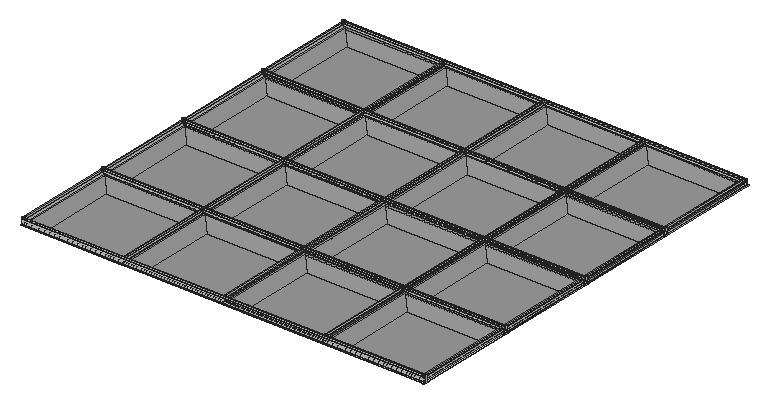
Revit family "GRD-FLD-017_FOLDED GRID 017_RFA", category Modelos genéricos, Revit 2022
Family settings
  Puede alojar armadura = No
  Cota de conector redondo = Diámetro de uso
  Tipo de pieza = Normal
  Se basa en plano de trabajo = No
  Siempre vertical = Sí
  Corte con vacíos al cargar = No
  Mantener orientación de anotación = No
  Compartido = No
  Punto de cálculo de habitación = No
Parameters
  Elevación por defecto = 0.00"
Reference planes (in)
  plane 1 "Centro (Frontal/Posterior)": y = 0
  plane 2: z = 0
  plane 3 "Centro (Izquierda/Derecha)": x = 0
Forms (in)
  Extrusion 1, solid, not visible
    sketch origin (0, 0, 0) x (1, 0, 0) y (0, 1, 0)
      loop
        line (0, 2.25) -> (0, 0) -> (108, 0) -> (108, 2.25) -> (0, 2.25)
    from 0 to 8
  Extrusion 2, solid, not visible
    sketch origin (0, 0, 0) x (1, 0, 0) y (0, 1, 0)
      loop
        line (0, 2.25) -> (0, 0) -> (108, 0) -> (108, 2.25) -> (0, 2.25)
    from 0 to 8
  Extrusion 3, solid, not visible
    sketch origin (0, 8, 0) x (1, 0, 0) y (0, 1, 0)
      loop
        line (0, 2.25) -> (0, 0) -> (108, 0) -> (108, 2.25) -> (0, 2.25)
    from 0 to 8
  Extrusion 4, solid, not visible
    sketch origin (0, 16, 0) x (1, 0, 0) y (0, 1, 0)
      loop
        line (0, 2.25) -> (0, 0) -> (108, 0) -> (108, 2.25) -> (0, 2.25)
    from 0 to 8
  Extrusion 5, solid, not visible
    sketch origin (0, 24, 0) x (1, 0, 0) y (0, 1, 0)
      loop
        line (0, 2.25) -> (0, 0) -> (108, 0) -> (108, 2.25) -> (0, 2.25)
    from 0 to 8
  Extrusion 6, solid, not visible
    sketch origin (0, 32, 0) x (1, 0, 0) y (0, 1, 0)
      loop
        line (0, 2.25) -> (0, 0) -> (108, 0) -> (108, 2.25) -> (0, 2.25)
    from 0 to 8
  Extrusion 7, solid, not visible
    sketch origin (0, 40, 0) x (1, 0, 0) y (0, 1, 0)
      loop
        line (0, 2.25) -> (0, 0) -> (108, 0) -> (108, 2.25) -> (0, 2.25)
    from 0 to 8
  Extrusion 8, solid, not visible
    sketch origin (0, 48, 0) x (1, 0, 0) y (0, 1, 0)
      loop
        line (0, 2.25) -> (0, 0) -> (108, 0) -> (108, 2.25) -> (0, 2.25)
    from 0 to 8
  Extrusion 9, solid, not visible
    sketch origin (0, 56, 0) x (1, 0, 0) y (0, 1, 0)
      loop
        line (0, 2.25) -> (0, 0) -> (108, 0) -> (108, 2.25) -> (0, 2.25)
    from 0 to 8
  Extrusion 10, solid, not visible
    sketch origin (0, 64, 0) x (1, 0, 0) y (0, 1, 0)
      loop
        line (0, 2.25) -> (0, 0) -> (108, 0) -> (108, 2.25) -> (0, 2.25)
    from 0 to 8
  Extrusion 11, solid, not visible
    sketch origin (0, 72, 0) x (1, 0, 0) y (0, 1, 0)
      loop
        line (0, 2.25) -> (0, 0) -> (108, 0) -> (108, 2.25) -> (0, 2.25)
    from 0 to 8
  Extrusion 12, solid, not visible
    sketch origin (0, 80, 0) x (1, 0, 0) y (0, 1, 0)
      loop
        line (0, 2.25) -> (0, 0) -> (108, 0) -> (108, 2.25) -> (0, 2.25)
    from 0 to 8
  Extrusion 13, solid, not visible
    sketch origin (0, 88, 0) x (1, 0, 0) y (0, 1, 0)
      loop
        line (0, 2.25) -> (0, 0) -> (108, 0) -> (108, 2.25) -> (0, 2.25)
    from 0 to 8
  Extrusion 14, solid, not visible
    sketch origin (0, 96, 0) x (1, 0, 0) y (0, 1, 0)
      loop
        line (0, 2.25) -> (0, 0) -> (108, 0) -> (108, 2.25) -> (0, 2.25)
    from 0 to 8
  Extrusion 15, solid, not visible
    sketch origin (0, 104, 0) x (1, 0, 0) y (0, 1, 0)
      loop
        line (0, 2.25) -> (0, 0) -> (108, 0) -> (108, 2.25) -> (0, 2.25)
    from 0 to 8
  Extrusion 16, solid, not visible
    sketch origin (0, 112, 0) x (1, 0, 0) y (0, 1, 0)
      loop
        line (0, 2.25) -> (0, 0) -> (108, 0) -> (108, 2.25) -> (0, 2.25)
    from 0 to 8
  Extrusion 17, solid, not visible
    sketch origin (0, 120, 0) x (1, 0, 0) y (0, 1, 0)
      loop
        line (0, 2.25) -> (0, 0) -> (108, 0) -> (108, 2.25) -> (0, 2.25)
    from 0 to 8
  Extrusion 18, solid, not visible
    sketch origin (0, 128, 0) x (1, 0, 0) y (0, 1, 0)
      loop
        line (0, 2.25) -> (0, 0) -> (108, 0) -> (108, 2.25) -> (0, 2.25)
    from 0 to 8
  Extrusion 19, solid, not visible
    sketch origin (0, 136, 0) x (1, 0, 0) y (0, 1, 0)
      loop
        line (0, 2.25) -> (0, 0) -> (108, 0) -> (108, 2.25) -> (0, 2.25)
    from 0 to 8
  Extrusion 20, solid, not visible
    sketch origin (0, 144, 0) x (1, 0, 0) y (0, 1, 0)
      loop
        line (0, 2.25) -> (0, 0) -> (108, 0) -> (108, 2.25) -> (0, 2.25)
    from 0 to 8
  Extrusion 21, solid, not visible
    sketch origin (0, 152, 0) x (1, 0, 0) y (0, 1, 0)
      loop
        line (0, 2.25) -> (0, 0) -> (108, 0) -> (108, 2.25) -> (0, 2.25)
    from 0 to 8
  Extrusion 22, solid, not visible
    sketch origin (109, 0, 0) x (1, 0, 0) y (0, 1, 0)
      loop
        line (0, 2.25) -> (0, 0) -> (108, 0) -> (108, 2.25) -> (0, 2.25)
    from 0 to 8
  Extrusion 23, solid, not visible
    sketch origin (109, 8, 0) x (1, 0, 0) y (0, 1, 0)
      loop
        line (0, 2.25) -> (0, 0) -> (108, 0) -> (108, 2.25) -> (0, 2.25)
    from 0 to 8
  Extrusion 24, solid, not visible
    sketch origin (109, 16, 0) x (1, 0, 0) y (0, 1, 0)
      loop
        line (0, 2.25) -> (0, 0) -> (108, 0) -> (108, 2.25) -> (0, 2.25)
    from 0 to 8
  Extrusion 25, solid, not visible
    sketch origin (109, 24, 0) x (1, 0, 0) y (0, 1, 0)
      loop
        line (0, 2.25) -> (0, 0) -> (108, 0) -> (108, 2.25) -> (0, 2.25)
    from 0 to 8
  Extrusion 26, solid, not visible
    sketch origin (109, 32, 0) x (1, 0, 0) y (0, 1, 0)
      loop
        line (0, 2.25) -> (0, 0) -> (108, 0) -> (108, 2.25) -> (0, 2.25)
    from 0 to 8
  Extrusion 27, solid, not visible
    sketch origin (109, 40, 0) x (1, 0, 0) y (0, 1, 0)
      loop
        line (0, 2.25) -> (0, 0) -> (108, 0) -> (108, 2.25) -> (0, 2.25)
    from 0 to 8
  Extrusion 28, solid, not visible
    sketch origin (109, 48, 0) x (1, 0, 0) y (0, 1, 0)
      loop
        line (0, 2.25) -> (0, 0) -> (108, 0) -> (108, 2.25) -> (0, 2.25)
    from 0 to 8
  Extrusion 29, solid, not visible
    sketch origin (109, 56, 0) x (1, 0, 0) y (0, 1, 0)
      loop
        line (0, 2.25) -> (0, 0) -> (108, 0) -> (108, 2.25) -> (0, 2.25)
    from 0 to 8
  Extrusion 30, solid, not visible
    sketch origin (109, 64, 0) x (1, 0, 0) y (0, 1, 0)
      loop
        line (0, 2.25) -> (0, 0) -> (108, 0) -> (108, 2.25) -> (0, 2.25)
    from 0 to 8
  Extrusion 31, solid, not visible
    sketch origin (109, 72, 0) x (1, 0, 0) y (0, 1, 0)
      loop
        line (0, 2.25) -> (0, 0) -> (108, 0) -> (108, 2.25) -> (0, 2.25)
    from 0 to 8
  Extrusion 32, solid, not visible
    sketch origin (109, 80, 0) x (1, 0, 0) y (0, 1, 0)
      loop
        line (0, 2.25) -> (0, 0) -> (108, 0) -> (108, 2.25) -> (0, 2.25)
    from 0 to 8
  Extrusion 33, solid, not visible
    sketch origin (109, 88, 0) x (1, 0, 0) y (0, 1, 0)
      loop
        line (0, 2.25) -> (0, 0) -> (108, 0) -> (108, 2.25) -> (0, 2.25)
    from 0 to 8
  Extrusion 34, solid, not visible
    sketch origin (109, 96, 0) x (1, 0, 0) y (0, 1, 0)
      loop
        line (0, 2.25) -> (0, 0) -> (108, 0) -> (108, 2.25) -> (0, 2.25)
    from 0 to 8
  Extrusion 35, solid, not visible
    sketch origin (109, 104, 0) x (1, 0, 0) y (0, 1, 0)
      loop
        line (0, 2.25) -> (0, 0) -> (108, 0) -> (108, 2.25) -> (0, 2.25)
    from 0 to 8
  Extrusion 36, solid, not visible
    sketch origin (109, 112, 0) x (1, 0, 0) y (0, 1, 0)
      loop
        line (0, 2.25) -> (0, 0) -> (108, 0) -> (108, 2.25) -> (0, 2.25)
    from 0 to 8
  Extrusion 37, solid, not visible
    sketch origin (109, 120, 0) x (1, 0, 0) y (0, 1, 0)
      loop
        line (0, 2.25) -> (0, 0) -> (108, 0) -> (108, 2.25) -> (0, 2.25)
    from 0 to 8
  Extrusion 38, solid, not visible
    sketch origin (109, 128, 0) x (1, 0, 0) y (0, 1, 0)
      loop
        line (0, 2.25) -> (0, 0) -> (108, 0) -> (108, 2.25) -> (0, 2.25)
    from 0 to 8
  Extrusion 39, solid, not visible
    sketch origin (109, 136, 0) x (1, 0, 0) y (0, 1, 0)
      loop
        line (0, 2.25) -> (0, 0) -> (108, 0) -> (108, 2.25) -> (0, 2.25)
    from 0 to 8
  Extrusion 40, solid, not visible
    sketch origin (109, 144, 0) x (1, 0, 0) y (0, 1, 0)
      loop
        line (0, 2.25) -> (0, 0) -> (108, 0) -> (108, 2.25) -> (0, 2.25)
    from 0 to 8
  Extrusion 41, solid, not visible
    sketch origin (109, 152, 0) x (1, 0, 0) y (0, 1, 0)
      loop
        line (0, 2.25) -> (0, 0) -> (108, 0) -> (108, 2.25) -> (0, 2.25)
    from 0 to 8
  Extrusion 42, solid, not visible
    sketch origin (-108, 0, 0) x (1, 0, 0) y (0, 1, 0)
      loop
        line (0, 2.25) -> (0, 0) -> (108, 0) -> (108, 2.25) -> (0, 2.25)
    from 0 to 8
  Extrusion 43, solid, not visible
    sketch origin (-108, 8, 0) x (1, 0, 0) y (0, 1, 0)
      loop
        line (0, 2.25) -> (0, 0) -> (108, 0) -> (108, 2.25) -> (0, 2.25)
    from 0 to 8
  Extrusion 44, solid, not visible
    sketch origin (-108, 16, 0) x (1, 0, 0) y (0, 1, 0)
      loop
        line (0, 2.25) -> (0, 0) -> (108, 0) -> (108, 2.25) -> (0, 2.25)
    from 0 to 8
  Extrusion 45, solid, not visible
    sketch origin (-108, 24, 0) x (1, 0, 0) y (0, 1, 0)
      loop
        line (0, 2.25) -> (0, 0) -> (108, 0) -> (108, 2.25) -> (0, 2.25)
    from 0 to 8
  Extrusion 46, solid, not visible
    sketch origin (-108, 32, 0) x (1, 0, 0) y (0, 1, 0)
      loop
        line (0, 2.25) -> (0, 0) -> (108, 0) -> (108, 2.25) -> (0, 2.25)
    from 0 to 8
  Extrusion 47, solid, not visible
    sketch origin (-108, 40, 0) x (1, 0, 0) y (0, 1, 0)
      loop
        line (0, 2.25) -> (0, 0) -> (108, 0) -> (108, 2.25) -> (0, 2.25)
    from 0 to 8
  Extrusion 48, solid, not visible
    sketch origin (1, 0, 0) x (1, 0, 0) y (0, 1, 0)
      loop
        line (0, 2.25) -> (0, 0) -> (108, 0) -> (108, 2.25) -> (0, 2.25)
    from 0 to 8
  Extrusion 49, solid, not visible
    sketch origin (1, 8, 0) x (1, 0, 0) y (0, 1, 0)
      loop
        line (0, 2.25) -> (0, 0) -> (108, 0) -> (108, 2.25) -> (0, 2.25)
    from 0 to 8
  Extrusion 50, solid, not visible
    sketch origin (1, 16, 0) x (1, 0, 0) y (0, 1, 0)
      loop
        line (0, 2.25) -> (0, 0) -> (108, 0) -> (108, 2.25) -> (0, 2.25)
    from 0 to 8
  Extrusion 51, solid, not visible
    sketch origin (1, 24, 0) x (1, 0, 0) y (0, 1, 0)
      loop
        line (0, 2.25) -> (0, 0) -> (108, 0) -> (108, 2.25) -> (0, 2.25)
    from 0 to 8
  Extrusion 52, solid, not visible
    sketch origin (1, 32, 0) x (1, 0, 0) y (0, 1, 0)
      loop
        line (0, 2.25) -> (0, 0) -> (108, 0) -> (108, 2.25) -> (0, 2.25)
    from 0 to 8
  Extrusion 53, solid, not visible
    sketch origin (1, 40, 0) x (1, 0, 0) y (0, 1, 0)
      loop
        line (0, 2.25) -> (0, 0) -> (108, 0) -> (108, 2.25) -> (0, 2.25)
    from 0 to 8
  Extrusion 54, solid, not visible
    sketch origin (-108, 48, 0) x (1, 0, 0) y (0, 1, 0)
      loop
        line (0, 2.25) -> (0, 0) -> (108, 0) -> (108, 2.25) -> (0, 2.25)
    from 0 to 8
  Extrusion 55, solid, not visible
    sketch origin (-108, 56, 0) x (1, 0, 0) y (0, 1, 0)
      loop
        line (0, 2.25) -> (0, 0) -> (108, 0) -> (108, 2.25) -> (0, 2.25)
    from 0 to 8
  Extrusion 56, solid, not visible
    sketch origin (-108, 64, 0) x (1, 0, 0) y (0, 1, 0)
      loop
        line (0, 2.25) -> (0, 0) -> (108, 0) -> (108, 2.25) -> (0, 2.25)
    from 0 to 8
  Extrusion 57, solid, not visible
    sketch origin (-108, 72, 0) x (1, 0, 0) y (0, 1, 0)
      loop
        line (0, 2.25) -> (0, 0) -> (108, 0) -> (108, 2.25) -> (0, 2.25)
    from 0 to 8
  Extrusion 58, solid, not visible
    sketch origin (-108, 80, 0) x (1, 0, 0) y (0, 1, 0)
      loop
        line (0, 2.25) -> (0, 0) -> (108, 0) -> (108, 2.25) -> (0, 2.25)
    from 0 to 8
  Extrusion 59, solid, not visible
    sketch origin (1, 48, 0) x (1, 0, 0) y (0, 1, 0)
      loop
        line (0, 2.25) -> (0, 0) -> (108, 0) -> (108, 2.25) -> (0, 2.25)
    from 0 to 8
  Extrusion 60, solid, not visible
    sketch origin (1, 56, 0) x (1, 0, 0) y (0, 1, 0)
      loop
        line (0, 2.25) -> (0, 0) -> (108, 0) -> (108, 2.25) -> (0, 2.25)
    from 0 to 8
  Extrusion 61, solid, not visible
    sketch origin (1, 64, 0) x (1, 0, 0) y (0, 1, 0)
      loop
        line (0, 2.25) -> (0, 0) -> (108, 0) -> (108, 2.25) -> (0, 2.25)
    from 0 to 8
  Extrusion 62, solid, not visible
    sketch origin (1, 72, 0) x (1, 0, 0) y (0, 1, 0)
      loop
        line (0, 2.25) -> (0, 0) -> (108, 0) -> (108, 2.25) -> (0, 2.25)
    from 0 to 8
  Extrusion 63, solid, not visible
    sketch origin (1, 80, 0) x (1, 0, 0) y (0, 1, 0)
      loop
        line (0, 2.25) -> (0, 0) -> (108, 0) -> (108, 2.25) -> (0, 2.25)
    from 0 to 8
  Extrusion 64, solid, not visible
    sketch origin (-108, 88, 0) x (1, 0, 0) y (0, 1, 0)
      loop
        line (0, 2.25) -> (0, 0) -> (108, 0) -> (108, 2.25) -> (0, 2.25)
    from 0 to 8
  Extrusion 65, solid, not visible
    sketch origin (-108, 96, 0) x (1, 0, 0) y (0, 1, 0)
      loop
        line (0, 2.25) -> (0, 0) -> (108, 0) -> (108, 2.25) -> (0, 2.25)
    from 0 to 8
  Extrusion 66, solid, not visible
    sketch origin (-108, 104, 0) x (1, 0, 0) y (0, 1, 0)
      loop
        line (0, 2.25) -> (0, 0) -> (108, 0) -> (108, 2.25) -> (0, 2.25)
    from 0 to 8
  Extrusion 67, solid, not visible
    sketch origin (-108, 112, 0) x (1, 0, 0) y (0, 1, 0)
      loop
        line (0, 2.25) -> (0, 0) -> (108, 0) -> (108, 2.25) -> (0, 2.25)
    from 0 to 8
  Extrusion 68, solid, not visible
    sketch origin (-108, 120, 0) x (1, 0, 0) y (0, 1, 0)
      loop
        line (0, 2.25) -> (0, 0) -> (108, 0) -> (108, 2.25) -> (0, 2.25)
    from 0 to 8
  Extrusion 69, solid, not visible
    sketch origin (1, 88, 0) x (1, 0, 0) y (0, 1, 0)
      loop
        line (0, 2.25) -> (0, 0) -> (108, 0) -> (108, 2.25) -> (0, 2.25)
    from 0 to 8
  Extrusion 70, solid, not visible
    sketch origin (1, 96, 0) x (1, 0, 0) y (0, 1, 0)
      loop
        line (0, 2.25) -> (0, 0) -> (108, 0) -> (108, 2.25) -> (0, 2.25)
    from 0 to 8
  Extrusion 71, solid, not visible
    sketch origin (1, 104, 0) x (1, 0, 0) y (0, 1, 0)
      loop
        line (0, 2.25) -> (0, 0) -> (108, 0) -> (108, 2.25) -> (0, 2.25)
    from 0 to 8
  Extrusion 72, solid, not visible
    sketch origin (1, 112, 0) x (1, 0, 0) y (0, 1, 0)
      loop
        line (0, 2.25) -> (0, 0) -> (108, 0) -> (108, 2.25) -> (0, 2.25)
    from 0 to 8
  Extrusion 73, solid, not visible
    sketch origin (1, 120, 0) x (1, 0, 0) y (0, 1, 0)
      loop
        line (0, 2.25) -> (0, 0) -> (108, 0) -> (108, 2.25) -> (0, 2.25)
    from 0 to 8
  Extrusion 74, solid, not visible
    sketch origin (-108, 128, 0) x (1, 0, 0) y (0, 1, 0)
      loop
        line (0, 2.25) -> (0, 0) -> (108, 0) -> (108, 2.25) -> (0, 2.25)
    from 0 to 8
  Extrusion 75, solid, not visible
    sketch origin (-108, 136, 0) x (1, 0, 0) y (0, 1, 0)
      loop
        line (0, 2.25) -> (0, 0) -> (108, 0) -> (108, 2.25) -> (0, 2.25)
    from 0 to 8
  Extrusion 76, solid, not visible
    sketch origin (-108, 144, 0) x (1, 0, 0) y (0, 1, 0)
      loop
        line (0, 2.25) -> (0, 0) -> (108, 0) -> (108, 2.25) -> (0, 2.25)
    from 0 to 8
  Extrusion 77, solid, not visible
    sketch origin (-108, 152, 0) x (1, 0, 0) y (0, 1, 0)
      loop
        line (0, 2.25) -> (0, 0) -> (108, 0) -> (108, 2.25) -> (0, 2.25)
    from 0 to 8
  Extrusion 78, solid, not visible
    sketch origin (-108, 160, 0) x (1, 0, 0) y (0, 1, 0)
      loop
        line (0, 2.25) -> (0, 0) -> (108, 0) -> (108, 2.25) -> (0, 2.25)
    from 0 to 8
  Extrusion 79, solid, not visible
    sketch origin (1, 128, 0) x (1, 0, 0) y (0, 1, 0)
      loop
        line (0, 2.25) -> (0, 0) -> (108, 0) -> (108, 2.25) -> (0, 2.25)
    from 0 to 8
  Extrusion 80, solid, not visible
    sketch origin (1, 136, 0) x (1, 0, 0) y (0, 1, 0)
      loop
        line (0, 2.25) -> (0, 0) -> (108, 0) -> (108, 2.25) -> (0, 2.25)
    from 0 to 8
  Extrusion 81, solid, not visible
    sketch origin (1, 144, 0) x (1, 0, 0) y (0, 1, 0)
      loop
        line (0, 2.25) -> (0, 0) -> (108, 0) -> (108, 2.25) -> (0, 2.25)
    from 0 to 8
  Extrusion 82, solid, not visible
    sketch origin (1, 152, 0) x (1, 0, 0) y (0, 1, 0)
      loop
        line (0, 2.25) -> (0, 0) -> (108, 0) -> (108, 2.25) -> (0, 2.25)
    from 0 to 8
  Extrusion 83, solid, not visible
    sketch origin (1, 160, 0) x (1, 0, 0) y (0, 1, 0)
      loop
        line (0, 2.25) -> (0, 0) -> (108, 0) -> (108, 2.25) -> (0, 2.25)
    from 0 to 8
  Extrusion 84, solid, not visible
    sketch origin (0, 0, 0) x (1, 0, 0) y (0, 1, 0)
      loop
        line (0, 3) -> (0, 0) -> (108, 0) -> (108, 3) -> (0, 3)
    from 0 to 8
  Extrusion 85, void, not visible
    sketch origin (0, 0, 0) x (1, 0, 0) y (0, 1, 0)
      loop
        line (6, 2) -> (6, 1) -> (66, 1) -> (66, 2) -> (6, 2)
    from 0 to 1.03
  Extrusion 86, solid, not visible
    sketch origin (0, 0, 0) x (1, 0, 0) y (0, 1, 0)
      loop
        line (0, 3) -> (0, 0) -> (108, 0) -> (108, 3) -> (0, 3)
    from 0 to 8
  Extrusion 87, void, not visible
    sketch origin (0, 0, 0) x (1, 0, 0) y (0, 1, 0)
      loop
        line (6, 2) -> (6, 1) -> (66, 1) -> (66, 2) -> (6, 2)
    from 0 to 1.03
  Extrusion 88, solid, not visible
    sketch origin (0, 0, 0) x (1, 0, 0) y (0, 1, 0)
      loop
        line (6, 2) -> (6, 1) -> (66, 1) -> (66, 2) -> (6, 2)
    from 0 to 1.03
  Extrusion 89, solid, not visible
    sketch origin (0, 32, 0) x (1, 0, 0) y (0, 1, 0)
      loop
        line (0, 3) -> (0, 0) -> (108, 0) -> (108, 3) -> (0, 3)
    from 0 to 8
  Extrusion 90, void, not visible
    sketch origin (0, 32, 0) x (1, 0, 0) y (0, 1, 0)
      loop
        line (6, 2) -> (6, 1) -> (102, 1) -> (102, 2) -> (6, 2)
    from 0 to 1.03
  Extrusion 91, solid, not visible
    sketch origin (8.95842, -18.67436, 0) x (1, 0, 0) y (0, 1, 0)
      loop
        line (-8.48642, 97.64679) -> (-8.48642, 97.17436) -> (98.56914, 97.17436) -> (98.56914, 97.64679) -> (-8.48642, 97.64679)
    from 0.59055 to 8
  Extrusion 92, solid, not visible
    sketch origin (8.95842, -16.6468, 0) x (1, 0, 0) y (0, 1, 0)
      loop
        line (-8.48642, 97.64679) -> (-8.48642, 97.17436) -> (98.56914, 97.17436) -> (98.56914, 97.64679) -> (-8.48642, 97.64679)
    from 0.59055 to 8
  Extrusion 93, solid, not visible
    sketch origin (60.46912, 110.28574, 0) x (1, 0, 0) y (0, 1, 0)
      loop
        line (45.03088, -29.28574) -> (-57.96911, -29.28574) -> (-57.96911, -31.78574) -> (45.03088, -31.78574) -> (45.03088, -29.28574)
      loop
        line (23.78088, -31.03574) -> (41.78088, -31.03574) -> (41.78088, -30.03574) -> (23.78088, -30.03574) -> (23.78088, -31.03574)
      loop
        line (-54.71912, -31.03574) -> (-36.71912, -31.03574) -> (-36.71912, -30.03574) -> (-54.71912, -30.03574) -> (-54.71912, -31.03574)
    from 0 to 0.59055
  Extrusion 94, solid, not visible
    sketch origin (108, 51.5, 0) x (0, 1, 0) y (-1, 0, 0)
      loop
        line (27.75, 102.25) -> (27.75, 84.25) -> (28.75, 84.25) -> (28.75, 102.25) -> (27.75, 102.25)
    from 0 to 1
  Extrusion 95, solid, not visible
    sketch origin (186.5, 51.5, 0) x (0, 1, 0) y (-1, 0, 0)
      loop
        line (27.75, 102.25) -> (27.75, 84.25) -> (28.75, 84.25) -> (28.75, 102.25) -> (27.75, 102.25)
    from 0 to 1
  Extrusion 96, solid, not visible
    sketch origin (8.95842, -44.42438, 0) x (1, 0, 0) y (0, 1, 0)
      loop
        line (-8.48642, 97.64679) -> (-8.48642, 97.17436) -> (98.56914, 97.17436) -> (98.56914, 97.64679) -> (-8.48642, 97.64679)
    from 0.59055 to 8
  Extrusion 97, solid, not visible
    sketch origin (8.95842, -42.39682, 0) x (1, 0, 0) y (0, 1, 0)
      loop
        line (-8.48642, 97.64679) -> (-8.48642, 97.17436) -> (98.56914, 97.17436) -> (98.56914, 97.64679) -> (-8.48642, 97.64679)
    from 0.59055 to 8
  Extrusion 98, solid, not visible
    sketch origin (60.46912, 84.53571, 0) x (1, 0, 0) y (0, 1, 0)
      loop
        line (45.03088, -29.28574) -> (-57.96911, -29.28574) -> (-57.96911, -31.78574) -> (45.03088, -31.78574) -> (45.03088, -29.28574)
      loop
        line (-28.96912, -31.03574) -> (-10.96912, -31.03574) -> (-10.96912, -30.03574) -> (-28.96912, -30.03574) -> (-28.96912, -31.03574)
      loop
        line (-3.21912, -31.03571) -> (14.78088, -31.03571) -> (14.78088, -30.03571) -> (-3.21912, -30.03571) -> (-3.21912, -31.03571)
    from 0 to 0.59055
  Extrusion 99, solid, not visible
    sketch origin (133.74998, 25.74998, 0) x (0, 1, 0) y (-1, 0, 0)
      loop
        line (27.75, 102.25) -> (27.75, 84.25) -> (28.75, 84.25) -> (28.75, 102.25) -> (27.75, 102.25)
    from 0 to 1
  Extrusion 100, solid, not visible
    sketch origin (159.49998, 25.74998, 0) x (0, 1, 0) y (-1, 0, 0)
      loop
        line (27.75, 102.25) -> (27.75, 84.25) -> (28.75, 84.25) -> (28.75, 102.25) -> (27.75, 102.25)
    from 0 to 1
  Extrusion 101, solid, not visible
    sketch origin (8.95842, -70.17436, 0) x (1, 0, 0) y (0, 1, 0)
      loop
        line (-8.48642, 97.64679) -> (-8.48642, 97.17436) -> (98.56914, 97.17436) -> (98.56914, 97.64679) -> (-8.48642, 97.64679)
    from 0.59055 to 8
  Extrusion 102, solid, not visible
    sketch origin (8.95842, -68.1468, 0) x (1, 0, 0) y (0, 1, 0)
      loop
        line (-8.48642, 97.64679) -> (-8.48642, 97.17436) -> (98.56914, 97.17436) -> (98.56914, 97.64679) -> (-8.48642, 97.64679)
    from 0.59055 to 8
  Extrusion 103, solid, not visible
    sketch origin (60.46912, 58.78574, 0) x (1, 0, 0) y (0, 1, 0)
      loop
        line (45.03088, -29.28574) -> (-57.96911, -29.28574) -> (-57.96911, -31.78574) -> (45.03088, -31.78574) -> (45.03088, -29.28574)
      loop
        line (23.78088, -31.03574) -> (41.78088, -31.03574) -> (41.78088, -30.03574) -> (23.78088, -30.03574) -> (23.78088, -31.03574)
      loop
        line (-54.71912, -31.03574) -> (-36.71912, -31.03574) -> (-36.71912, -30.03574) -> (-54.71912, -30.03574) -> (-54.71912, -31.03574)
    from 0 to 0.59055
  Extrusion 104, solid, not visible
    sketch origin (108, 0, 0) x (0, 1, 0) y (-1, 0, 0)
      loop
        line (27.75, 102.25) -> (27.75, 84.25) -> (28.75, 84.25) -> (28.75, 102.25) -> (27.75, 102.25)
    from 0 to 1
  Extrusion 105, solid, not visible
    sketch origin (186.5, 0, 0) x (0, 1, 0) y (-1, 0, 0)
      loop
        line (27.75, 102.25) -> (27.75, 84.25) -> (28.75, 84.25) -> (28.75, 102.25) -> (27.75, 102.25)
    from 0 to 1
  Extrusion 106, solid, not visible
    sketch origin (-70.17436, 99.04114, 0) x (0, -1, 0) y (1, 0, 0)
      loop
        line (-8.48642, 97.64679) -> (-8.48642, 97.17436) -> (98.56914, 97.17436) -> (98.56914, 97.64679) -> (-8.48642, 97.64679)
    from 0.59055 to 8
  Extrusion 107, solid, not visible
    sketch origin (-68.1468, 99.04114, 0) x (0, -1, 0) y (1, 0, 0)
      loop
        line (-8.48642, 97.64679) -> (-8.48642, 97.17436) -> (98.56914, 97.17436) -> (98.56914, 97.64679) -> (-8.48642, 97.64679)
    from 0.59055 to 8
  Extrusion 108, solid, not visible
    sketch origin (-2.28571, 86.21912, 0) x (0, 1, 0) y (-1, 0, 0)
      loop
        line (19.28088, -29.28574) -> (-83.71912, -29.28574) -> (-83.71912, -31.78574) -> (19.28088, -31.78574) -> (19.28088, -29.28574)
      loop
        line (16.03088, -31.03571) -> (16.03088, -30.03571) -> (-1.96912, -30.03571) -> (-1.96912, -31.03571) -> (16.03088, -31.03571)
      loop
        line (-62.46912, -31.03571) -> (-62.46912, -30.03571) -> (-80.46912, -30.03571) -> (-80.46912, -31.03571) -> (-62.46912, -31.03571)
    from 0 to 0.59055
  Extrusion 109, solid, not visible
    sketch origin (0, 0, 0) x (1, 0, 0) y (0, 1, 0)
      loop
        line (27.75, 102.25) -> (27.75, 84.25) -> (28.75, 84.25) -> (28.75, 102.25) -> (27.75, 102.25)
    from 0 to 1
  Extrusion 110, solid, not visible
    sketch origin (0, -78.5, 0) x (1, 0, 0) y (0, 1, 0)
      loop
        line (27.75, 102.25) -> (27.75, 84.25) -> (28.75, 84.25) -> (28.75, 102.25) -> (27.75, 102.25)
    from 0 to 1
  Extrusion 111, solid, not visible
    sketch origin (-44.89438, 99.04114, 0) x (0, -1, 0) y (1, 0, 0)
      loop
        line (-8.48642, 97.64679) -> (-8.48642, 97.17436) -> (98.56914, 97.17436) -> (98.56914, 97.64679) -> (-8.48642, 97.64679)
    from 0.59055 to 8
  Extrusion 112, solid, not visible
    sketch origin (-42.39682, 99.04114, 0) x (0, -1, 0) y (1, 0, 0)
      loop
        line (-8.48642, 97.64679) -> (-8.48642, 97.17436) -> (98.56914, 97.17436) -> (98.56914, 97.64679) -> (-8.48642, 97.64679)
    from 0.59055 to 8
  Extrusion 113, solid, not visible
    sketch origin (23.46427, 86.21912, 0) x (0, 1, 0) y (-1, 0, 0)
      loop
        line (19.28088, -28.81571) -> (-83.71912, -28.81571) -> (-83.71912, -31.78574) -> (19.28088, -31.78574) -> (19.28088, -28.81571)
      loop
        line (-28.96912, -29.78573) -> (-28.96912, -30.78571) -> (-10.96912, -30.78571) -> (-10.96912, -29.78573) -> (-28.96912, -29.78573)
      loop
        line (-54.71914, -29.78573) -> (-54.71914, -30.78573) -> (-36.71914, -30.78573) -> (-36.71914, -29.78573) -> (-54.71914, -29.78573)
    from 0 to 0.59055
  Extrusion 114, solid, not visible
    sketch origin (25.74998, -27, 0) x (1, 0, 0) y (0, 1, 0)
      loop
        line (27.50002, 102.25) -> (27.50002, 84.25) -> (28.5, 84.25) -> (28.5, 102.25) -> (27.50002, 102.25)
    from 0 to 1
  Extrusion 115, solid, not visible
    sketch origin (25.74998, -52.75002, 0) x (1, 0, 0) y (0, 1, 0)
      loop
        line (27.50002, 102.25) -> (27.50002, 84.25) -> (28.50002, 84.25) -> (28.50002, 102.25) -> (27.50002, 102.25)
    from 0 to 1
  Extrusion 116, solid, not visible
    sketch origin (-18.67436, 99.04114, 0) x (0, -1, 0) y (1, 0, 0)
      loop
        line (-8.48642, 97.64679) -> (-8.48642, 97.17436) -> (98.56914, 97.17436) -> (98.56914, 97.64679) -> (-8.48642, 97.64679)
    from 0.59055 to 8
  Extrusion 117, solid, not visible
    sketch origin (-16.6468, 99.04114, 0) x (0, -1, 0) y (1, 0, 0)
      loop
        line (-8.48642, 97.64679) -> (-8.48642, 97.17436) -> (98.56914, 97.17436) -> (98.56914, 97.64679) -> (-8.48642, 97.64679)
    from 0.59055 to 8
  Extrusion 118, solid, not visible
    sketch origin (49.21426, 86.21912, 0) x (0, 1, 0) y (-1, 0, 0)
      loop
        line (19.28088, -29.28574) -> (-83.71912, -29.28574) -> (-83.71912, -31.78574) -> (19.28088, -31.78574) -> (19.28088, -29.28574)
      loop
        line (16.03088, -31.03571) -> (16.03088, -30.03571) -> (-1.96912, -30.03571) -> (-1.96912, -31.03571) -> (16.03088, -31.03571)
      loop
        line (-62.46912, -31.03571) -> (-62.46912, -30.03571) -> (-80.46912, -30.03571) -> (-80.46912, -31.03571) -> (-62.46912, -31.03571)
    from 0 to 0.59055
  Extrusion 119, solid, not visible
    sketch origin (51.49997, 0, 0) x (1, 0, 0) y (0, 1, 0)
      loop
        line (27.75, 102.25) -> (27.75, 84.25) -> (28.75, 84.25) -> (28.75, 102.25) -> (27.75, 102.25)
    from 0 to 1
  Extrusion 120, solid, not visible
    sketch origin (51.49997, -78.5, 0) x (1, 0, 0) y (0, 1, 0)
      loop
        line (27.75, 102.25) -> (27.75, 84.25) -> (28.75, 84.25) -> (28.75, 102.25) -> (27.75, 102.25)
    from 0 to 1
  Extrusion 121, solid, not visible
    sketch origin (10.23509, 91.82771, 0) x (0, -1, 0) y (1, 0, 0)
      loop
        line (-16.17229, 97.76491) -> (-15.69986, 97.29248) -> (91.35527, 97.29248) -> (91.82771, 97.76491) -> (-16.17229, 97.76491)
    from 0.59055 to 8
  Extrusion 122, solid, not visible
    sketch origin (137.28574, 61.88413, 0) x (0, 1, 0) y (-1, 0, 0)
      loop
        line (46.11587, 29.28574) -> (43.61587, 31.78574) -> (-59.38412, 31.78574) -> (-61.88412, 29.28574) -> (46.11587, 29.28574)
    from 0 to 0.59055
  Extrusion 123, solid, not visible
    sketch origin (8.20754, 91.82771, 0) x (0, -1, 0) y (1, 0, 0)
      loop
        line (-14.14474, 97.76491) -> (-13.67231, 97.29248) -> (89.32772, 97.29248) -> (89.80016, 97.76491) -> (-14.14474, 97.76491)
    from 0.59055 to 8.22418
  Extrusion 124, solid, not visible
    sketch origin (18.95842, 10.23509, 0) x (1, 0, 0) y (0, 1, 0)
      loop
        line (-18.95842, 97.76491) -> (-18.48598, 97.29247) -> (88.56914, 97.29247) -> (89.04158, 97.76491) -> (-18.95842, 97.76491)
    from 0.59055 to 8
  Extrusion 125, solid, not visible
    sketch origin (61.88413, 137.28574, 0) x (1, 0, 0) y (0, 1, 0)
      loop
        line (46.11587, -29.28574) -> (-61.88412, -29.28574) -> (-59.38412, -31.78574) -> (43.61587, -31.78574) -> (46.11587, -29.28574)
    from 0 to 0.59055
  Extrusion 126, solid, not visible
    sketch origin (18.95842, 8.20753, 0) x (1, 0, 0) y (0, 1, 0)
      loop
        line (-16.93086, 97.76491) -> (-16.45842, 97.29247) -> (86.54158, 97.29247) -> (87.01402, 97.76491) -> (-16.93086, 97.76491)
    from 0.59055 to 8
  Extrusion 127, solid, not visible
    sketch origin (-101.24865, 87.31603, 0) x (0, -1, 0) y (1, 0, 0)
      loop
        line (-20.21152, 101.72109) -> (-20.68397, 101.24865) -> (87.31604, 101.24865) -> (86.84359, 101.72109) -> (-20.21152, 101.72109)
    from 0.47244 to 8
  Extrusion 128, solid, not visible
    sketch origin (-29.28573, 61.88413, 0) x (0, 1, 0) y (-1, 0, 0)
      loop
        line (46.11587, -29.28574) -> (-61.88412, -29.28574) -> (-59.38412, -31.78574) -> (43.61587, -31.78574) -> (46.11587, -29.28574)
    from 0 to 0.59055
  Extrusion 129, solid, not visible
    sketch origin (-99.22109, 87.31603, 0) x (0, -1, 0) y (1, 0, 0)
      loop
        line (-18.18396, 101.72109) -> (-18.65641, 101.24865) -> (85.28848, 101.24865) -> (84.81603, 101.72109) -> (-18.18396, 101.72109)
    from 0.47244 to 8
  Extrusion 130, solid, not visible
    sketch origin (61.88413, -29.28574, 0) x (1, 0, 0) y (0, 1, 0)
      loop
        line (46.11587, 29.28574) -> (43.61587, 31.78574) -> (-59.38412, 31.78574) -> (-61.88412, 29.28574) -> (46.11587, 29.28574)
    from 0 to 0.47244
  Extrusion 131, solid, not visible
    sketch origin (8.95842, -97.17435, 0) x (1, 0, 0) y (0, 1, 0)
      loop
        line (-8.48598, 97.64679) -> (-8.95842, 97.17436) -> (99.04157, 97.17436) -> (98.56914, 97.64679) -> (-8.48598, 97.64679)
    from 0.59055 to 8
  Extrusion 132, solid, not visible
    sketch origin (8.95842, -95.14679, 0) x (1, 0, 0) y (0, 1, 0)
      loop
        line (-6.45842, 97.64679) -> (-6.93085, 97.17436) -> (97.01401, 97.17436) -> (96.54158, 97.64679) -> (-6.45842, 97.64679)
    from 0.59055 to 8
  Extrusion 133, solid, not visible
    sketch origin (61.88413, -29.28574, 0) x (1, 0, 0) y (0, 1, 0)
      loop
        line (46.11587, 29.28574) -> (43.61587, 31.78574) -> (-59.38412, 31.78574) -> (-61.88412, 29.28574) -> (46.11587, 29.28574)
    from 0 to 0.47244
  Extrusion 134, solid, not visible
    sketch origin (18.95842, 10.23509, 0) x (1, 0, 0) y (0, 1, 0)
      loop
        line (-18.95842, 97.76491) -> (-18.48598, 97.29247) -> (88.56914, 97.29247) -> (89.04158, 97.76491) -> (-18.95842, 97.76491)
    from 0.59055 to 8
  Extrusion 135, solid, not visible
    sketch origin (8.95842, -97.17435, 0) x (1, 0, 0) y (0, 1, 0)
      loop
        line (-8.48598, 97.64679) -> (-8.95842, 97.17436) -> (99.04157, 97.17436) -> (98.56914, 97.64679) -> (-8.48598, 97.64679)
    from 0.59055 to 8
  Extrusion 136, solid, not visible
    sketch origin (10.23509, 91.82771, 0) x (0, -1, 0) y (1, 0, 0)
      loop
        line (-16.17229, 97.76491) -> (-15.69986, 97.29248) -> (91.35527, 97.29248) -> (91.82771, 97.76491) -> (-16.17229, 97.76491)
    from 0.59055 to 8
  Extrusion 137, solid, not visible
    sketch origin (-101.24865, 87.31603, 0) x (0, -1, 0) y (1, 0, 0)
      loop
        line (-20.21152, 101.72109) -> (-20.68397, 101.24865) -> (87.31604, 101.24865) -> (86.84359, 101.72109) -> (-20.21152, 101.72109)
    from 0.47244 to 8
  Extrusion 138, solid, not visible
    sketch origin (61.88413, 137.28574, 0) x (1, 0, 0) y (0, 1, 0)
      loop
        line (46.11587, -29.28574) -> (-61.88412, -29.28574) -> (-59.38412, -31.78574) -> (43.61587, -31.78574) -> (46.11587, -29.28574)
    from 0 to 0.59055
  Extrusion 139, solid, not visible
    sketch origin (-29.28573, 61.88413, 0) x (0, 1, 0) y (-1, 0, 0)
      loop
        line (46.11587, -29.28574) -> (-61.88412, -29.28574) -> (-59.38412, -31.78574) -> (43.61587, -31.78574) -> (46.11587, -29.28574)
    from 0 to 0.59055
  Extrusion 140, solid, not visible
    sketch origin (137.28574, 61.88413, 0) x (0, 1, 0) y (-1, 0, 0)
      loop
        line (46.11587, 29.28574) -> (43.61587, 31.78574) -> (-59.38412, 31.78574) -> (-61.88412, 29.28574) -> (46.11587, 29.28574)
    from 0 to 0.59055
  Extrusion 141, solid, not visible
    sketch origin (8.95842, -95.14679, 0) x (1, 0, 0) y (0, 1, 0)
      loop
        line (-6.45842, 97.64679) -> (-6.93085, 97.17436) -> (97.01401, 97.17436) -> (96.54158, 97.64679) -> (-6.45842, 97.64679)
    from 0.59055 to 8
  Extrusion 142, solid, not visible
    sketch origin (-99.22109, 87.31603, 0) x (0, -1, 0) y (1, 0, 0)
      loop
        line (-18.18396, 101.72109) -> (-18.65641, 101.24865) -> (85.28848, 101.24865) -> (84.81603, 101.72109) -> (-18.18396, 101.72109)
    from 0.47244 to 8
  Extrusion 143, solid, not visible
    sketch origin (18.95842, 8.20753, 0) x (1, 0, 0) y (0, 1, 0)
      loop
        line (-16.93086, 97.76491) -> (-16.45842, 97.29247) -> (86.54158, 97.29247) -> (87.01402, 97.76491) -> (-16.93086, 97.76491)
    from 0.59055 to 8
  Extrusion 144, solid, not visible
    sketch origin (8.20754, 91.82771, 0) x (0, -1, 0) y (1, 0, 0)
      loop
        line (-14.14474, 97.76491) -> (-13.67231, 97.29248) -> (89.32772, 97.29248) -> (89.80016, 97.76491) -> (-14.14474, 97.76491)
    from 0.59055 to 8.22418
  Extrusion 145, solid, not visible
    sketch origin (8.95842, -70.17436, 0) x (1, 0, 0) y (0, 1, 0)
      loop
        line (-8.48642, 97.64679) -> (-8.48642, 97.17436) -> (98.56914, 97.17436) -> (98.56914, 97.64679) -> (-8.48642, 97.64679)
    from 0.59055 to 8
  Extrusion 146, solid, not visible
    sketch origin (8.95842, -68.1468, 0) x (1, 0, 0) y (0, 1, 0)
      loop
        line (-8.48642, 97.64679) -> (-8.48642, 97.17436) -> (98.56914, 97.17436) -> (98.56914, 97.64679) -> (-8.48642, 97.64679)
    from 0.59055 to 8
  Extrusion 147, solid, not visible
    sketch origin (8.95842, -44.42438, 0) x (1, 0, 0) y (0, 1, 0)
      loop
        line (-8.48642, 97.64679) -> (-8.48642, 97.17436) -> (98.56914, 97.17436) -> (98.56914, 97.64679) -> (-8.48642, 97.64679)
    from 0.59055 to 8
  Extrusion 148, solid, not visible
    sketch origin (8.95842, -42.39682, 0) x (1, 0, 0) y (0, 1, 0)
      loop
        line (-8.48642, 97.64679) -> (-8.48642, 97.17436) -> (98.56914, 97.17436) -> (98.56914, 97.64679) -> (-8.48642, 97.64679)
    from 0.59055 to 8
  Extrusion 149, solid, not visible
    sketch origin (8.95842, -18.67436, 0) x (1, 0, 0) y (0, 1, 0)
      loop
        line (-8.48642, 97.64679) -> (-8.48642, 97.17436) -> (98.56914, 97.17436) -> (98.56914, 97.64679) -> (-8.48642, 97.64679)
    from 0.59055 to 8
  Extrusion 150, solid, not visible
    sketch origin (8.95842, -16.6468, 0) x (1, 0, 0) y (0, 1, 0)
      loop
        line (-8.48642, 97.64679) -> (-8.48642, 97.17436) -> (98.56914, 97.17436) -> (98.56914, 97.64679) -> (-8.48642, 97.64679)
    from 0.59055 to 8
  Extrusion 151, solid, not visible
    sketch origin (-70.17436, 99.04114, 0) x (0, -1, 0) y (1, 0, 0)
      loop
        line (-8.48642, 97.64679) -> (-8.48642, 97.17436) -> (98.56914, 97.17436) -> (98.56914, 97.64679) -> (-8.48642, 97.64679)
    from 0.59055 to 8
  Extrusion 152, solid, not visible
    sketch origin (-68.1468, 99.04114, 0) x (0, -1, 0) y (1, 0, 0)
      loop
        line (-8.48642, 97.64679) -> (-8.48642, 97.17436) -> (98.56914, 97.17436) -> (98.56914, 97.64679) -> (-8.48642, 97.64679)
    from 0.59055 to 8
  Extrusion 153, solid, not visible
    sketch origin (-44.89438, 99.04114, 0) x (0, -1, 0) y (1, 0, 0)
      loop
        line (-8.48642, 97.64679) -> (-8.48642, 97.17436) -> (98.56914, 97.17436) -> (98.56914, 97.64679) -> (-8.48642, 97.64679)
    from 0.59055 to 8
  Extrusion 154, solid, not visible
    sketch origin (-42.39682, 99.04114, 0) x (0, -1, 0) y (1, 0, 0)
      loop
        line (-8.48642, 97.64679) -> (-8.48642, 97.17436) -> (98.56914, 97.17436) -> (98.56914, 97.64679) -> (-8.48642, 97.64679)
    from 0.59055 to 8
  Extrusion 155, solid, not visible
    sketch origin (-18.67436, 99.04114, 0) x (0, -1, 0) y (1, 0, 0)
      loop
        line (-8.48642, 97.64679) -> (-8.48642, 97.17436) -> (98.56914, 97.17436) -> (98.56914, 97.64679) -> (-8.48642, 97.64679)
    from 0.59055 to 8
  Extrusion 156, solid, not visible
    sketch origin (-16.6468, 99.04114, 0) x (0, -1, 0) y (1, 0, 0)
      loop
        line (-8.48642, 97.64679) -> (-8.48642, 97.17436) -> (98.56914, 97.17436) -> (98.56914, 97.64679) -> (-8.48642, 97.64679)
    from 0.59055 to 8
  Extrusion 157, solid, not visible
    sketch origin (60.46912, 110.28574, 0) x (1, 0, 0) y (0, 1, 0)
      loop
        line (45.03088, -29.28574) -> (-57.96911, -29.28574) -> (-57.96911, -31.78574) -> (45.03088, -31.78574) -> (45.03088, -29.28574)
      loop
        line (23.78088, -31.03574) -> (41.78088, -31.03574) -> (41.78088, -30.03574) -> (23.78088, -30.03574) -> (23.78088, -31.03574)
      loop
        line (-54.71912, -31.03574) -> (-36.71912, -31.03574) -> (-36.71912, -30.03574) -> (-54.71912, -30.03574) -> (-54.71912, -31.03574)
    from 0 to 0.59055
  Extrusion 158, solid, not visible
    sketch origin (60.46912, 84.53571, 0) x (1, 0, 0) y (0, 1, 0)
      loop
        line (45.03088, -29.28574) -> (-57.96911, -29.28574) -> (-57.96911, -31.78574) -> (45.03088, -31.78574) -> (45.03088, -29.28574)
      loop
        line (-28.96912, -31.03574) -> (-10.96912, -31.03574) -> (-10.96912, -30.03574) -> (-28.96912, -30.03574) -> (-28.96912, -31.03574)
      loop
        line (-3.21912, -31.03571) -> (14.78088, -31.03571) -> (14.78088, -30.03571) -> (-3.21912, -30.03571) -> (-3.21912, -31.03571)
    from 0 to 0.59055
  Extrusion 159, solid, not visible
    sketch origin (60.46912, 58.78574, 0) x (1, 0, 0) y (0, 1, 0)
      loop
        line (45.03088, -29.28574) -> (-57.96911, -29.28574) -> (-57.96911, -31.78574) -> (45.03088, -31.78574) -> (45.03088, -29.28574)
      loop
        line (23.78088, -31.03574) -> (41.78088, -31.03574) -> (41.78088, -30.03574) -> (23.78088, -30.03574) -> (23.78088, -31.03574)
      loop
        line (-54.71912, -31.03574) -> (-36.71912, -31.03574) -> (-36.71912, -30.03574) -> (-54.71912, -30.03574) -> (-54.71912, -31.03574)
    from 0 to 0.59055
  Extrusion 160, solid, not visible
    sketch origin (23.46427, 86.21912, 0) x (0, 1, 0) y (-1, 0, 0)
      loop
        line (19.28088, -28.81571) -> (-83.71912, -28.81571) -> (-83.71912, -31.78574) -> (19.28088, -31.78574) -> (19.28088, -28.81571)
      loop
        line (-28.96912, -29.78573) -> (-28.96912, -30.78571) -> (-10.96912, -30.78571) -> (-10.96912, -29.78573) -> (-28.96912, -29.78573)
      loop
        line (-54.71914, -29.78573) -> (-54.71914, -30.78573) -> (-36.71914, -30.78573) -> (-36.71914, -29.78573) -> (-54.71914, -29.78573)
    from 0 to 0.59055
  Extrusion 161, solid, not visible
    sketch origin (-2.28571, 86.21912, 0) x (0, 1, 0) y (-1, 0, 0)
      loop
        line (19.28088, -29.28574) -> (-83.71912, -29.28574) -> (-83.71912, -31.78574) -> (19.28088, -31.78574) -> (19.28088, -29.28574)
      loop
        line (16.03088, -31.03571) -> (16.03088, -30.03571) -> (-1.96912, -30.03571) -> (-1.96912, -31.03571) -> (16.03088, -31.03571)
      loop
        line (-62.46912, -31.03571) -> (-62.46912, -30.03571) -> (-80.46912, -30.03571) -> (-80.46912, -31.03571) -> (-62.46912, -31.03571)
    from 0 to 0.59055
  Extrusion 162, solid, not visible
    sketch origin (49.21426, 86.21912, 0) x (0, 1, 0) y (-1, 0, 0)
      loop
        line (19.28088, -29.28574) -> (-83.71912, -29.28574) -> (-83.71912, -31.78574) -> (19.28088, -31.78574) -> (19.28088, -29.28574)
      loop
        line (16.03088, -31.03571) -> (16.03088, -30.03571) -> (-1.96912, -30.03571) -> (-1.96912, -31.03571) -> (16.03088, -31.03571)
      loop
        line (-62.46912, -31.03571) -> (-62.46912, -30.03571) -> (-80.46912, -30.03571) -> (-80.46912, -31.03571) -> (-62.46912, -31.03571)
    from 0 to 0.59055
  Extrusion 163, solid, not visible
    sketch origin (0, 0, 0) x (1, 0, 0) y (0, 1, 0)
      loop
        line (27.75, 102.25) -> (27.75, 84.25) -> (28.75, 84.25) -> (28.75, 102.25) -> (27.75, 102.25)
    from 0 to 1
  Extrusion 164, solid, not visible
    sketch origin (0, -78.5, 0) x (1, 0, 0) y (0, 1, 0)
      loop
        line (27.75, 102.25) -> (27.75, 84.25) -> (28.75, 84.25) -> (28.75, 102.25) -> (27.75, 102.25)
    from 0 to 1
  Extrusion 165, solid, not visible
    sketch origin (51.49997, 0, 0) x (1, 0, 0) y (0, 1, 0)
      loop
        line (27.75, 102.25) -> (27.75, 84.25) -> (28.75, 84.25) -> (28.75, 102.25) -> (27.75, 102.25)
    from 0 to 1
  Extrusion 166, solid, not visible
    sketch origin (51.49997, -78.5, 0) x (1, 0, 0) y (0, 1, 0)
      loop
        line (27.75, 102.25) -> (27.75, 84.25) -> (28.75, 84.25) -> (28.75, 102.25) -> (27.75, 102.25)
    from 0 to 1
  Extrusion 167, solid, not visible
    sketch origin (25.74998, -27, 0) x (1, 0, 0) y (0, 1, 0)
      loop
        line (27.50002, 102.25) -> (27.50002, 84.25) -> (28.5, 84.25) -> (28.5, 102.25) -> (27.50002, 102.25)
    from 0 to 1
  Extrusion 168, solid, not visible
    sketch origin (25.74998, -52.75002, 0) x (1, 0, 0) y (0, 1, 0)
      loop
        line (27.50002, 102.25) -> (27.50002, 84.25) -> (28.50002, 84.25) -> (28.50002, 102.25) -> (27.50002, 102.25)
    from 0 to 1
  Extrusion 169, solid, not visible
    sketch origin (108, 0, 0) x (0, 1, 0) y (-1, 0, 0)
      loop
        line (27.75, 102.25) -> (27.75, 84.25) -> (28.75, 84.25) -> (28.75, 102.25) -> (27.75, 102.25)
    from 0 to 1
  Extrusion 170, solid, not visible
    sketch origin (186.5, 0, 0) x (0, 1, 0) y (-1, 0, 0)
      loop
        line (27.75, 102.25) -> (27.75, 84.25) -> (28.75, 84.25) -> (28.75, 102.25) -> (27.75, 102.25)
    from 0 to 1
  Extrusion 171, solid, not visible
    sketch origin (108, 51.5, 0) x (0, 1, 0) y (-1, 0, 0)
      loop
        line (27.75, 102.25) -> (27.75, 84.25) -> (28.75, 84.25) -> (28.75, 102.25) -> (27.75, 102.25)
    from 0 to 1
  Extrusion 172, solid, not visible
    sketch origin (186.5, 51.5, 0) x (0, 1, 0) y (-1, 0, 0)
      loop
        line (27.75, 102.25) -> (27.75, 84.25) -> (28.75, 84.25) -> (28.75, 102.25) -> (27.75, 102.25)
    from 0 to 1
  Extrusion 173, solid, not visible
    sketch origin (133.74998, 25.74998, 0) x (0, 1, 0) y (-1, 0, 0)
      loop
        line (27.75, 102.25) -> (27.75, 84.25) -> (28.75, 84.25) -> (28.75, 102.25) -> (27.75, 102.25)
    from 0 to 1
  Extrusion 174, solid, not visible
    sketch origin (159.49998, 25.74998, 0) x (0, 1, 0) y (-1, 0, 0)
      loop
        line (27.75, 102.25) -> (27.75, 84.25) -> (28.75, 84.25) -> (28.75, 102.25) -> (27.75, 102.25)
    from 0 to 1
  Extrusion 175, solid
    sketch origin (0, 0, 0) x (0, 1, 0) y (0, 0, 1)
      loop
        line (0.42221, 1.66259) -> (0.42231, 0.67354)
        arc (0.42231, 0.67354) -> (0.41009, 0.64403) -> (0.38057, 0.6318) r 0.04174
        line (0.38057, 0.6318) -> (-0.00639, 0.6318) -> (-0.00639, 0.59057) -> (0.8874, 0.59057) -> (0.8874, 0.6318) -> (0.49998, 0.6318)
        arc (0.49998, 0.6318) -> (0.47046, 0.64403) -> (0.45824, 0.67354) r 0.04174
        line (0.45824, 0.67354) -> (0.45834, 1.66259)
        arc (0.45834, 1.66259) -> (0.46543, 1.67969) -> (0.48252, 1.68677) r 0.02418
        line (0.48252, 1.68677) -> (0.52252, 1.68677)
        arc (0.52252, 1.68677) -> (0.55303, 1.69941) -> (0.56566, 1.72991) r 0.04314
        line (0.56566, 1.72991) -> (0.56566, 2.14095)
        arc (0.56566, 2.14095) -> (0.5626, 2.15637) -> (0.55386, 2.16944) r 0.04029
        line (0.55386, 2.16944) -> (0.47053, 2.25277)
        arc (0.47053, 2.25277) -> (0.44027, 2.2653) -> (0.41002, 2.25277) r 0.04279
        line (0.41002, 2.25277) -> (0.32669, 2.16944)
        arc (0.32669, 2.16944) -> (0.31795, 2.15637) -> (0.31489, 2.14095) r 0.04029
        line (0.31489, 2.14095) -> (0.31489, 1.72991)
        arc (0.31489, 1.72991) -> (0.32752, 1.69941) -> (0.35803, 1.68677) r 0.04314
        line (0.35803, 1.68677) -> (0.39803, 1.68677)
        arc (0.39803, 1.68677) -> (0.41512, 1.67969) -> (0.42221, 1.66259) r 0.02418
      loop
        arc (0.33294, 1.7291) -> (0.34005, 1.71194) -> (0.35722, 1.70483) r 0.02428
        line (0.35722, 1.70483) -> (0.39815, 1.70483)
        arc (0.39815, 1.70483) -> (0.42797, 1.69248) -> (0.44023, 1.66266) r 0.04217
        arc (0.44023, 1.66266) -> (0.45258, 1.69248) -> (0.4824, 1.70483) r 0.04217
        line (0.4824, 1.70483) -> (0.52333, 1.70483)
        arc (0.52333, 1.70483) -> (0.54049, 1.71194) -> (0.54761, 1.7291) r 0.02428
        line (0.54761, 1.7291) -> (0.54761, 2.15016) -> (0.45704, 2.24072)
        arc (0.45704, 2.24072) -> (0.44027, 2.24767) -> (0.42351, 2.24072) r 0.02371
        line (0.42351, 2.24072) -> (0.33294, 2.15016) -> (0.33294, 1.7291)
    from 0 to 96.9361
  Extrusion 176, solid
    sketch origin (0, 24, 0) x (0, 1, 0) y (0, 0, 1)
      loop
        line (0.42221, 1.66259) -> (0.42231, 0.67354)
        arc (0.42231, 0.67354) -> (0.41009, 0.64403) -> (0.38057, 0.6318) r 0.04174
        line (0.38057, 0.6318) -> (-0.00639, 0.6318) -> (-0.00639, 0.59057) -> (0.8874, 0.59057) -> (0.8874, 0.6318) -> (0.49998, 0.6318)
        arc (0.49998, 0.6318) -> (0.47046, 0.64403) -> (0.45824, 0.67354) r 0.04174
        line (0.45824, 0.67354) -> (0.45834, 1.66259)
        arc (0.45834, 1.66259) -> (0.46543, 1.67969) -> (0.48252, 1.68677) r 0.02418
        line (0.48252, 1.68677) -> (0.52252, 1.68677)
        arc (0.52252, 1.68677) -> (0.55303, 1.69941) -> (0.56566, 1.72991) r 0.04314
        line (0.56566, 1.72991) -> (0.56566, 2.14095)
        arc (0.56566, 2.14095) -> (0.5626, 2.15637) -> (0.55386, 2.16944) r 0.04029
        line (0.55386, 2.16944) -> (0.47053, 2.25277)
        arc (0.47053, 2.25277) -> (0.44027, 2.2653) -> (0.41002, 2.25277) r 0.04279
        line (0.41002, 2.25277) -> (0.32669, 2.16944)
        arc (0.32669, 2.16944) -> (0.31795, 2.15637) -> (0.31489, 2.14095) r 0.04029
        line (0.31489, 2.14095) -> (0.31489, 1.72991)
        arc (0.31489, 1.72991) -> (0.32752, 1.69941) -> (0.35803, 1.68677) r 0.04314
        line (0.35803, 1.68677) -> (0.39803, 1.68677)
        arc (0.39803, 1.68677) -> (0.41512, 1.67969) -> (0.42221, 1.66259) r 0.02418
      loop
        arc (0.33294, 1.7291) -> (0.34005, 1.71194) -> (0.35722, 1.70483) r 0.02428
        line (0.35722, 1.70483) -> (0.39815, 1.70483)
        arc (0.39815, 1.70483) -> (0.42797, 1.69248) -> (0.44023, 1.66266) r 0.04217
        arc (0.44023, 1.66266) -> (0.45258, 1.69248) -> (0.4824, 1.70483) r 0.04217
        line (0.4824, 1.70483) -> (0.52333, 1.70483)
        arc (0.52333, 1.70483) -> (0.54049, 1.71194) -> (0.54761, 1.7291) r 0.02428
        line (0.54761, 1.7291) -> (0.54761, 2.15016) -> (0.45704, 2.24072)
        arc (0.45704, 2.24072) -> (0.44027, 2.24767) -> (0.42351, 2.24072) r 0.02371
        line (0.42351, 2.24072) -> (0.33294, 2.15016) -> (0.33294, 1.7291)
    from 0 to 96.9361
  Extrusion 177, solid
    sketch origin (0, 48, 0) x (0, 1, 0) y (0, 0, 1)
      loop
        line (0.42221, 1.66259) -> (0.42231, 0.67354)
        arc (0.42231, 0.67354) -> (0.41009, 0.64403) -> (0.38057, 0.6318) r 0.04174
        line (0.38057, 0.6318) -> (-0.00639, 0.6318) -> (-0.00639, 0.59057) -> (0.8874, 0.59057) -> (0.8874, 0.6318) -> (0.49998, 0.6318)
        arc (0.49998, 0.6318) -> (0.47046, 0.64403) -> (0.45824, 0.67354) r 0.04174
        line (0.45824, 0.67354) -> (0.45834, 1.66259)
        arc (0.45834, 1.66259) -> (0.46543, 1.67969) -> (0.48252, 1.68677) r 0.02418
        line (0.48252, 1.68677) -> (0.52252, 1.68677)
        arc (0.52252, 1.68677) -> (0.55303, 1.69941) -> (0.56566, 1.72991) r 0.04314
        line (0.56566, 1.72991) -> (0.56566, 2.14095)
        arc (0.56566, 2.14095) -> (0.5626, 2.15637) -> (0.55386, 2.16944) r 0.04029
        line (0.55386, 2.16944) -> (0.47053, 2.25277)
        arc (0.47053, 2.25277) -> (0.44027, 2.2653) -> (0.41002, 2.25277) r 0.04279
        line (0.41002, 2.25277) -> (0.32669, 2.16944)
        arc (0.32669, 2.16944) -> (0.31795, 2.15637) -> (0.31489, 2.14095) r 0.04029
        line (0.31489, 2.14095) -> (0.31489, 1.72991)
        arc (0.31489, 1.72991) -> (0.32752, 1.69941) -> (0.35803, 1.68677) r 0.04314
        line (0.35803, 1.68677) -> (0.39803, 1.68677)
        arc (0.39803, 1.68677) -> (0.41512, 1.67969) -> (0.42221, 1.66259) r 0.02418
      loop
        arc (0.33294, 1.7291) -> (0.34005, 1.71194) -> (0.35722, 1.70483) r 0.02428
        line (0.35722, 1.70483) -> (0.39815, 1.70483)
        arc (0.39815, 1.70483) -> (0.42797, 1.69248) -> (0.44023, 1.66266) r 0.04217
        arc (0.44023, 1.66266) -> (0.45258, 1.69248) -> (0.4824, 1.70483) r 0.04217
        line (0.4824, 1.70483) -> (0.52333, 1.70483)
        arc (0.52333, 1.70483) -> (0.54049, 1.71194) -> (0.54761, 1.7291) r 0.02428
        line (0.54761, 1.7291) -> (0.54761, 2.15016) -> (0.45704, 2.24072)
        arc (0.45704, 2.24072) -> (0.44027, 2.24767) -> (0.42351, 2.24072) r 0.02371
        line (0.42351, 2.24072) -> (0.33294, 2.15016) -> (0.33294, 1.7291)
    from 0 to 96.9361
  Extrusion 178, solid
    sketch origin (0, 72, 0) x (0, 1, 0) y (0, 0, 1)
      loop
        line (0.42221, 1.66259) -> (0.42231, 0.67354)
        arc (0.42231, 0.67354) -> (0.41009, 0.64403) -> (0.38057, 0.6318) r 0.04174
        line (0.38057, 0.6318) -> (-0.00639, 0.6318) -> (-0.00639, 0.59057) -> (0.8874, 0.59057) -> (0.8874, 0.6318) -> (0.49998, 0.6318)
        arc (0.49998, 0.6318) -> (0.47046, 0.64403) -> (0.45824, 0.67354) r 0.04174
        line (0.45824, 0.67354) -> (0.45834, 1.66259)
        arc (0.45834, 1.66259) -> (0.46543, 1.67969) -> (0.48252, 1.68677) r 0.02418
        line (0.48252, 1.68677) -> (0.52252, 1.68677)
        arc (0.52252, 1.68677) -> (0.55303, 1.69941) -> (0.56566, 1.72991) r 0.04314
        line (0.56566, 1.72991) -> (0.56566, 2.14095)
        arc (0.56566, 2.14095) -> (0.5626, 2.15637) -> (0.55386, 2.16944) r 0.04029
        line (0.55386, 2.16944) -> (0.47053, 2.25277)
        arc (0.47053, 2.25277) -> (0.44027, 2.2653) -> (0.41002, 2.25277) r 0.04279
        line (0.41002, 2.25277) -> (0.32669, 2.16944)
        arc (0.32669, 2.16944) -> (0.31795, 2.15637) -> (0.31489, 2.14095) r 0.04029
        line (0.31489, 2.14095) -> (0.31489, 1.72991)
        arc (0.31489, 1.72991) -> (0.32752, 1.69941) -> (0.35803, 1.68677) r 0.04314
        line (0.35803, 1.68677) -> (0.39803, 1.68677)
        arc (0.39803, 1.68677) -> (0.41512, 1.67969) -> (0.42221, 1.66259) r 0.02418
      loop
        arc (0.33294, 1.7291) -> (0.34005, 1.71194) -> (0.35722, 1.70483) r 0.02428
        line (0.35722, 1.70483) -> (0.39815, 1.70483)
        arc (0.39815, 1.70483) -> (0.42797, 1.69248) -> (0.44023, 1.66266) r 0.04217
        arc (0.44023, 1.66266) -> (0.45258, 1.69248) -> (0.4824, 1.70483) r 0.04217
        line (0.4824, 1.70483) -> (0.52333, 1.70483)
        arc (0.52333, 1.70483) -> (0.54049, 1.71194) -> (0.54761, 1.7291) r 0.02428
        line (0.54761, 1.7291) -> (0.54761, 2.15016) -> (0.45704, 2.24072)
        arc (0.45704, 2.24072) -> (0.44027, 2.24767) -> (0.42351, 2.24072) r 0.02371
        line (0.42351, 2.24072) -> (0.33294, 2.15016) -> (0.33294, 1.7291)
    from 0 to 96.9361
  Extrusion 179, solid
    sketch origin (0, 96, 0) x (0, 1, 0) y (0, 0, 1)
      loop
        line (0.42221, 1.66259) -> (0.42231, 0.67354)
        arc (0.42231, 0.67354) -> (0.41009, 0.64403) -> (0.38057, 0.6318) r 0.04174
        line (0.38057, 0.6318) -> (-0.00639, 0.6318) -> (-0.00639, 0.59057) -> (0.8874, 0.59057) -> (0.8874, 0.6318) -> (0.49998, 0.6318)
        arc (0.49998, 0.6318) -> (0.47046, 0.64403) -> (0.45824, 0.67354) r 0.04174
        line (0.45824, 0.67354) -> (0.45834, 1.66259)
        arc (0.45834, 1.66259) -> (0.46543, 1.67969) -> (0.48252, 1.68677) r 0.02418
        line (0.48252, 1.68677) -> (0.52252, 1.68677)
        arc (0.52252, 1.68677) -> (0.55303, 1.69941) -> (0.56566, 1.72991) r 0.04314
        line (0.56566, 1.72991) -> (0.56566, 2.14095)
        arc (0.56566, 2.14095) -> (0.5626, 2.15637) -> (0.55386, 2.16944) r 0.04029
        line (0.55386, 2.16944) -> (0.47053, 2.25277)
        arc (0.47053, 2.25277) -> (0.44027, 2.2653) -> (0.41002, 2.25277) r 0.04279
        line (0.41002, 2.25277) -> (0.32669, 2.16944)
        arc (0.32669, 2.16944) -> (0.31795, 2.15637) -> (0.31489, 2.14095) r 0.04029
        line (0.31489, 2.14095) -> (0.31489, 1.72991)
        arc (0.31489, 1.72991) -> (0.32752, 1.69941) -> (0.35803, 1.68677) r 0.04314
        line (0.35803, 1.68677) -> (0.39803, 1.68677)
        arc (0.39803, 1.68677) -> (0.41512, 1.67969) -> (0.42221, 1.66259) r 0.02418
      loop
        arc (0.33294, 1.7291) -> (0.34005, 1.71194) -> (0.35722, 1.70483) r 0.02428
        line (0.35722, 1.70483) -> (0.39815, 1.70483)
        arc (0.39815, 1.70483) -> (0.42797, 1.69248) -> (0.44023, 1.66266) r 0.04217
        arc (0.44023, 1.66266) -> (0.45258, 1.69248) -> (0.4824, 1.70483) r 0.04217
        line (0.4824, 1.70483) -> (0.52333, 1.70483)
        arc (0.52333, 1.70483) -> (0.54049, 1.71194) -> (0.54761, 1.7291) r 0.02428
        line (0.54761, 1.7291) -> (0.54761, 2.15016) -> (0.45704, 2.24072)
        arc (0.45704, 2.24072) -> (0.44027, 2.24767) -> (0.42351, 2.24072) r 0.02371
        line (0.42351, 2.24072) -> (0.33294, 2.15016) -> (0.33294, 1.7291)
    from 0 to 96.9361
  Extrusion 180, solid
    sketch origin (48.02754, 154.90856, 0) x (1, 0, 0) y (0, 0, 1)
      loop
        line (0.42221, 1.66259) -> (0.42231, 0.67354)
        arc (0.42231, 0.67354) -> (0.41009, 0.64403) -> (0.38057, 0.6318) r 0.04174
        line (0.38057, 0.6318) -> (-0.00639, 0.6318) -> (-0.00639, 0.59057) -> (0.8874, 0.59057) -> (0.8874, 0.6318) -> (0.49998, 0.6318)
        arc (0.49998, 0.6318) -> (0.47046, 0.64403) -> (0.45824, 0.67354) r 0.04174
        line (0.45824, 0.67354) -> (0.45834, 1.66259)
        arc (0.45834, 1.66259) -> (0.46543, 1.67969) -> (0.48252, 1.68677) r 0.02418
        line (0.48252, 1.68677) -> (0.52252, 1.68677)
        arc (0.52252, 1.68677) -> (0.55303, 1.69941) -> (0.56566, 1.72991) r 0.04314
        line (0.56566, 1.72991) -> (0.56566, 2.14095)
        arc (0.56566, 2.14095) -> (0.5626, 2.15637) -> (0.55386, 2.16944) r 0.04029
        line (0.55386, 2.16944) -> (0.47053, 2.25277)
        arc (0.47053, 2.25277) -> (0.44027, 2.2653) -> (0.41002, 2.25277) r 0.04279
        line (0.41002, 2.25277) -> (0.32669, 2.16944)
        arc (0.32669, 2.16944) -> (0.31795, 2.15637) -> (0.31489, 2.14095) r 0.04029
        line (0.31489, 2.14095) -> (0.31489, 1.72991)
        arc (0.31489, 1.72991) -> (0.32752, 1.69941) -> (0.35803, 1.68677) r 0.04314
